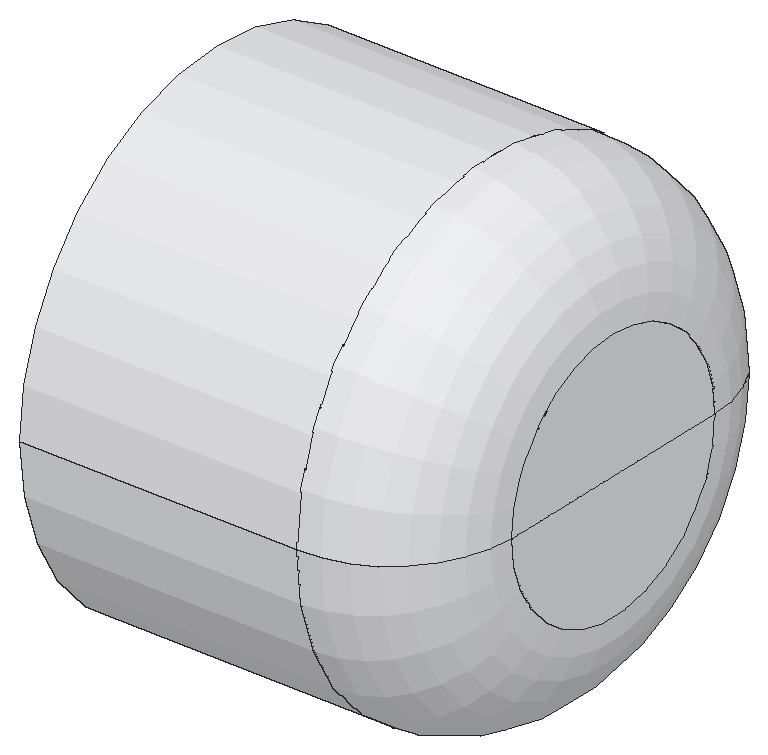
Revit family "PF_Заглушка [фитинг полипропиленовый - заглушка VTp.790.0]1 - VALTEC", category Соединительные детали трубопроводов, Revit 2019
Family settings
  Размер круглого соединителя = Использовать диаметр
  Тип детали = Заглушка
  На основе рабочей плоскости = Нет
  Всегда вертикально = Да
  При загрузке вырезать с полостями = Нет
  Общий = Нет
Parameters (values of type "VTp.790.0")
  Таблица = "PF_Заглушка [фитинг полипропиленовый - заглушка VTp.790.0] - VALTEC"  # constant formula
  built-in parameter 1114238 [instance] = (empty or 0)
  Manufacturer = ""
  r [instance] = A - B  # 6.5 mm
  dn [instance] = size_lookup(Таблица, "dn", 0 mm, d)  # 26.8 mm
  dt [instance] = size_lookup(Таблица, "dt", 0 mm, d)  # 3.4 mm
  d [instance] = 20 mm
  URL = "https://valtec.ru/"
  B [instance] = size_lookup(Таблица, "B", 0 mm, d)  # 15 mm
  ADSK_Примечание [instance] = ""
  ADSK_Позиция [instance] = ""
  ADSK_Обозначение [instance] = "VTp.790.0"  # constant formula
  ADSK_Наименование [instance] = size_lookup(Таблица, "", "Данный типоразмер отсутствует", d)  # "Фитинг полипропиленовый - заглушка, 20 мм"
  ADSK_Материал = Пластик белый - VALTEC
  ADSK_Масса [instance] = size_lookup(Таблица, "Масса", 0, d)  # 0.008
  ADSK_Марка [instance] = size_lookup(Таблица, "Маркировка", "Данный типоразмер отсутствует", d)  # "20"
  ADSK_Код изделия [instance] = size_lookup(Таблица, "Код продукта", "Данный типоразмер отсутствует", d)  # "VTp.790.0.020"
  ADSK_Завод-изготовитель [instance] = "VALTEC"  # constant formula
  ADSK_Единица измерения [instance] = "шт."  # constant formula
  ADSK_URL страницы изделия = "https://valtec.ru/catalog/sistemy_polipropilenovyh_truboprovodov/polipropilenovye_fitingi/zaglushka_polipropilenovaya_vtp7900.html"
  ADSK_URL документации изделия = "https://valtec.ru/document/technical/VTp.700-fitingi-0419.pdf"
  A [instance] = size_lookup(Таблица, "A", 0 mm, d)  # 21.5 mm
Reference planes
  plane 1 "По центру (Вперед/Назад)": y = 0
  plane 2: z = 0
  plane 3 "По центру (Влево/Вправо)": x = 0
  plane 4: x = 21.5
  plane 5: x = 15
  plane 6: y = 13.4
  plane 7: y = -13.4
Forms (mm)
  Revolve 1, solid, material "Пластик белый - VALTEC" <- "ADSK_Материал", detail levels medium+fine
    sketch origin (0, 0, 0) x (1, 0, 0) y (0, 1, 0)
      loop
        line (0, 13.4) -> (0, 0) -> (21.5, 0) -> (21.5, 6.9)
        arc (21.5, 6.9) -> (19.596, 11.496) -> (15, 13.4) r 6.5
        line (15, 13.4) -> (0, 13.4)
      axis (21.5, 0) -> (0, 0)
    angle from 0 to 360
Lines and regions (mm)
  model lines, detail levels coarse
    curve 1: line (0, 0, 0) -> (21.5, 0, 0)
    curve 2: line (21.5, 13.4, 0) -> (21.5, -13.4, 0)
Dimensions and locks
  "A": plane 3 "По центру (Влево/Вправо)" to plane 4
  "B": plane 3 "По центру (Влево/Вправо)" to plane 5
  equal spacing: plane 7, plane 1 "По центру (Вперед/Назад)", plane 6
  "dn": plane 7 to plane 6
  "r": radius of Revolve 1 sketch curve
  aligned and locked: level to plane 2
  aligned and locked: Revolve 1 sketch curve to plane 6
  aligned and locked: plane 3 "По центру (Влево/Вправо)" to Revolve 1 sketch curve
  aligned and locked: Revolve 1 sketch curve to plane 1 "По центру (Вперед/Назад)"  (x2)
  aligned and locked: plane 4 to Revolve 1 sketch curve
  aligned and locked: plane 4 to curve 1
  aligned and locked: plane 3 "По центру (Влево/Вправо)" to curve 1
  aligned and locked: plane 1 "По центру (Вперед/Назад)" to curve 1
  aligned and locked: plane 7 to curve 2
  aligned and locked: plane 6 to curve 2
  aligned and locked: plane 4 to curve 2
Automatic sketch dimensions
  Revolve 1 sketch curve to plane 3 "По центру (Влево/Вправо)" = 2000 mm
  Revolve 1 sketch curve to plane 4 = 1978.5 mm
Connectors
  piping at (0, 0, 0), diameter 20, driven by "d"
    settings: on Revolve 1, index 1, connector inside diameter 609.6 mm, connector length 0 mm, flow factor 0, pipe flow 0.0 L/s, pressure drop 0.0 Pa, fitting loss kfactor 0, connector angle 0.00°, fixture units 0, engagement length 0 mm, angle of deflection 0.00°, flow configuration 0, flow direction 0, fitting loss method 0, system type 28, joint type 0, gender type 0, connector reference index -1, connector utility 0, adjustable connector no, is connector primary yes, connector description ""
